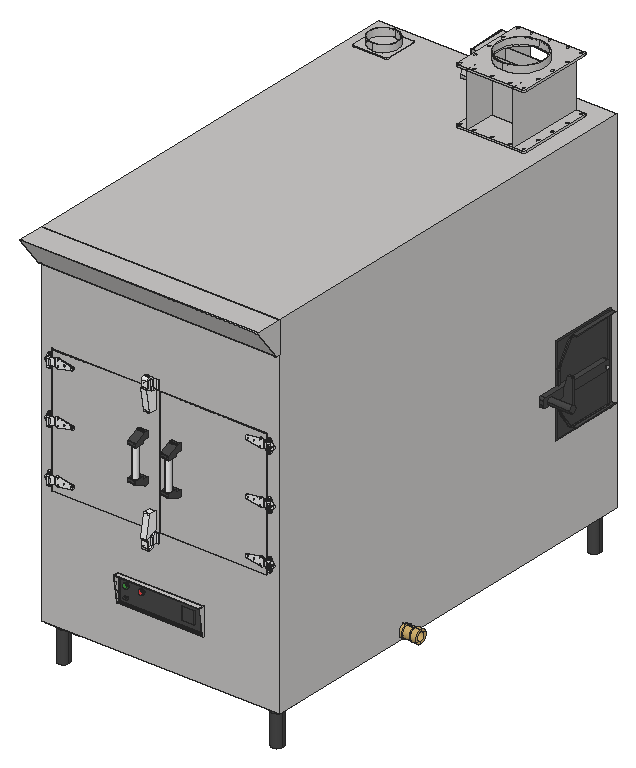
Revit family "QF_Southern Pride_SPK-1400", category Specialty Equipment, Revit 2019 (continued)
Automatic sketch dimensions
  plane 35 "Left Back" to Extrusion 4 sketch curve = 8.875"
  Extrusion 4 sketch curve to plane 13 "Door Left" = 0.500"
  Extrusion 4 sketch curve to Extrusion 4 sketch curve = 0.500"
  Extrusion 4 sketch curve to Extrusion 4 sketch curve = 3.375"  (x2)
  plane 35 "Left Back" to Extrusion 4 sketch curve = 1.625"  (x2)
  plane 13 "Door Left" to Extrusion 4 sketch curve = 3.375"
  Extrusion 5 sketch curve to Extrusion 5 sketch curve = 0.000"  (x2)
  plane 35 "Left Back" to Extrusion 5 sketch curve = 5.000"
  plane 13 "Door Left" to Extrusion 5 sketch curve = 3.375"
  curve 15 to plane 13 "Door Left" = 0.000"
  curve 10 to plane 13 "Door Left" = 0.000"
  plane 35 "Left Back" to curve 6 = 0.000"
  plane 26 "FRONT" to curve 3 = 0.07846"
  curve 6 to plane 37 "Left Middle Front" = 20.500"
  plane 35 "Left Back" to curve 15 = 8.875"
  curve 15 to curve 16 = 0.500"
  curve 14 to curve 14 = 0.500"
  curve 16 to curve 7 = 3.375"
  plane 35 "Left Back" to curve 11 = 1.625"
  curve 13 to curve 12 = 0.500"
  curve 13 to plane 17 "Control Panel Left" = 7.000"
  plane 13 "Door Left" to curve 8 = 3.375"
  curve 8 to curve 7 = 3.000"
  Extrusion 8 sketch curve to plane 33 "Control Panel Top" = 0.000"
  Extrusion 10 sketch curve to Extrusion 10 sketch curve = 0.1875"
  Extrusion 10 sketch curve to Extrusion 10 sketch curve = 0.125"
  Extrusion 12 sketch curve to Extrusion 12 sketch curve = 0.1875"
  Extrusion 12 sketch curve to Extrusion 12 sketch curve = 0.125"
  Revolve 16 sketch curve to plane 23 "Gas Connection to Box" = 0.000"
  Revolve 16 sketch curve to plane 35 "Left Back" = 0.000"
  Revolve 16 sketch curve to Revolve 16 sketch curve = 0.428"
  plane 1 "BACK" to Revolve 16 sketch curve = 0.202"
  plane 23 "Gas Connection to Box" to Revolve 16 sketch curve = 0.250"
  Revolve 16 sketch curve to Revolve 16 sketch curve = 0.175"
  Revolve 16 sketch curve to Revolve 16 sketch curve = 0.1765"
  Revolve 16 sketch curve to plane 28 "Front Clearance" = 8.74916"
  Revolve 16 sketch curve to plane 27 "Rear Clearance" = 8.34605"
  Sweep 17 sketch curve to plane 23 "Gas Connection to Box" = 0.000"
  plane 1 "BACK" to Sweep 17 sketch curve = 0.125"
  Sweep 17 sketch curve to plane 1 "BACK" = 0.625"
  Sweep 17 sketch curve to Sweep 17 sketch curve = 0.077"
  Sweep 17 sketch curve to Sweep 17 sketch curve = 0.125"
  Sweep 17 sketch curve to Sweep 17 sketch curve = 0.000"  (x2)
  Sweep 17 sketch curve to profile plane = 0.000"  (x2)
  Revolve 18 sketch curve to plane 24 "Gas Connection Bottom" = 0.000"
  Revolve 18 sketch curve to plane 1 "BACK" = 0.625"  (x2)
  Revolve 18 sketch curve to Revolve 18 sketch curve = 0.2375"
  Revolve 18 sketch curve to plane 1 "BACK" = 0.875"
  Revolve 18 sketch curve to Revolve 18 sketch curve = 0.17125"  (x3)
  Revolve 18 sketch curve to Revolve 18 sketch curve = 0.00375"
  Revolve 18 sketch curve to plane 1 "BACK" = 1.0625"
  Revolve 18 sketch curve to Revolve 18 sketch curve = 0.01625"
  Revolve 18 sketch curve to Revolve 18 sketch curve = 0.000"
  Revolve 18 sketch curve to Revolve 18 sketch curve = 0.164"  (x3)
  Revolve 18 sketch curve to Revolve 18 sketch curve = 0.1765"
  Revolve 18 sketch curve to Revolve 18 sketch curve = 0.21209"
  Revolve 18 sketch curve to Revolve 18 sketch curve = 0.23591"
  Revolve 18 sketch curve to level = 19.125"
  plane 29 "Top Clearance" to Revolve 18 sketch curve = 21.38866"
  Revolve 19 sketch curve to plane 22 "Gas Connection CL Elev" = 0.000"
  Revolve 19 sketch curve to plane 22 "Gas Connection CL Elev" = 0.250"
  Revolve 19 sketch curve to Revolve 19 sketch curve = 0.125"
  Revolve 19 sketch curve to Revolve 19 sketch curve = 0.2265"
  Revolve 19 sketch curve to plane 1 "BACK" = 0.625"
  Revolve 19 sketch curve to Revolve 19 sketch curve = 0.800"
  Revolve 19 sketch curve to Revolve 19 sketch curve = 0.200"
  plane 8 "Box Front" to Revolve 19 sketch curve = 0.250"
  Revolve 19 sketch curve to plane 27 "Rear Clearance" = 50.38866"
  Extrusion 20 sketch curve to plane 1 "BACK" = 0.005"
  plane 33 "Control Panel Top" to Extrusion 20 sketch curve = 8.77659"
  Extrusion 20 sketch curve to Extrusion 20 sketch curve = 1.500"
  plane 33 "Control Panel Top" to Extrusion 20 sketch curve = 10.9275"
  Revolve 21 sketch curve to plane 25 "Drain CL Elev" = 0.000"
  plane 25 "Drain CL Elev" to Revolve 21 sketch curve = 1.000"
  plane 25 "Drain CL Elev" to Revolve 21 sketch curve = 1.1966"
  Revolve 21 sketch curve to Revolve 21 sketch curve = 0.0758"
  Revolve 21 sketch curve to Revolve 21 sketch curve = 0.1074"
  Revolve 21 sketch curve to Revolve 21 sketch curve = 0.1832"
  Revolve 21 sketch curve to plane 30 "Gearbox Clearance" = 70.50466"
  plane 31 "Firebox Side Clearance" to Revolve 21 sketch curve = 59.94157"
  curve 21 to plane 4 "RIGHT" = 0.000"
  curve 18 to plane 4 "RIGHT" = 0.000"
  plane 35 "Left Back" to curve 29 = 0.000"
  plane 35 "Left Back" to curve 30 = 0.000"
  curve 31 to plane 39 "Gas Connection CL LR" = 0.000"
  curve 24 to plane 21 "Drain CL FB" = 1.3798"
  curve 17 to plane 21 "Drain CL FB" = 1.3798"
  plane 21 "Drain CL FB" to curve 24 = 1.3798"
  plane 21 "Drain CL FB" to curve 21 = 1.3798"
  curve 26 to plane 35 "Left Back" = 0.428"
  plane 1 "BACK" to curve 27 = 0.202"
  curve 38 to plane 1 "BACK" = 0.005"
  curve 35 to plane 1 "BACK" = 0.005"
  curve 38 to curve 32 = 0.28563"
  curve 36 to curve 33 = 0.28563"
  curve 31 to curve 31 = 0.33437"
  curve 31 to curve 34 = 1.21437"
  curve 34 to curve 46 = 0.0945"
  curve 34 to curve 47 = 0.0945"
  curve 40 to curve 40 = 0.313"
  curve 39 to curve 39 = 0.313"
  curve 42 to curve 44 = 0.087"
  plane 4 "RIGHT" to curve 17 = 0.7587"
  curve 23 to plane 7 "Firebox Handle Right" = 2.9166"
  plane 39 "Gas Connection CL LR" to curve 35 = 0.989"
  curve 34 to curve 47 = 0.164"
  curve 35 to curve 26 = 0.3875"
  plane 39 "Gas Connection CL LR" to curve 33 = 0.500"
  plane 39 "Gas Connection CL LR" to curve 45 = 0.317"
  curve 44 to plane 39 "Gas Connection CL LR" = 0.317"
  curve 32 to curve 25 = 0.1015"
  curve 46 to curve 46 = 0.508"
  curve 39 to curve 37 = 0.164"
  curve 19 to curve 20 = 0.1074"
  curve 23 to curve 22 = 0.1074"
  curve 20 to curve 19 = 1.13891"
  curve 20 to curve 19 = 0.000"
  curve 23 to curve 23 = 1.13891"
  curve 22 to curve 23 = 0.000"
  curve 25 to curve 30 = 0.1765"
  curve 29 to plane 39 "Gas Connection CL LR" = 0.425"
  plane 8 "Box Front" to Extrusion 23 sketch curve = 0.000"
  Extrusion 23 sketch curve to plane 30 "Gearbox Clearance" = 0.000"
  plane 26 "FRONT" to Extrusion 25 sketch curve = 20.4961"
  Extrusion 26 sketch curve to plane 29 "Top Clearance" = 0.000"
  plane 26 "FRONT" to Extrusion 27 sketch curve = 0.07003"
  plane 26 "FRONT" to Extrusion 27 sketch curve = 0.01557"
  plane 8 "Box Front" to Extrusion 27 sketch curve = 0.76834"
  Extrusion 27 sketch curve to Extrusion 27 sketch curve = 0.05445"
  plane 8 "Box Front" to Extrusion 27 sketch curve = 0.00012"
  Extrusion 27 sketch curve to plane 5 "TOP" = 0.063"
  Extrusion 27 sketch curve to Extrusion 27 sketch curve = 0.03168"
  Extrusion 29 sketch curve to plane 39 "Gas Connection CL LR" = 3.0625"  (x3)
  Extrusion 29 sketch curve to Extrusion 29 sketch curve = 0.000"  (x55)
  Extrusion 29 sketch curve to Extrusion 29 sketch curve = 0.375"  (x32)
  Extrusion 29 sketch curve to plane 39 "Gas Connection CL LR" = 1.1875"  (x2)
  plane 39 "Gas Connection CL LR" to Extrusion 29 sketch curve = 2.1875"  (x3)
  Extrusion 29 sketch curve to Extrusion 29 sketch curve = 1.500"  (x2)
  Extrusion 29 sketch curve to Extrusion 29 sketch curve = 0.625"  (x30)
  plane 23 "Gas Connection to Box" to Extrusion 3 sketch curve = 3.4375"
  plane 23 "Gas Connection to Box" to Extrusion 29 sketch curve = 7.0625"
  Extrusion 28 sketch curve to plane 6 "Box Left" = 1.500"
  Extrusion 28 sketch curve to plane 40 "Electric CL Elev" = 0.000"
  Extrusion 28 sketch curve to plane 40 "Electric CL Elev" = 0.625"  (x2)
  Extrusion 28 sketch curve to plane 6 "Box Left" = 2.5625"  (x3)
  Extrusion 28 sketch curve to Extrusion 28 sketch curve = 0.000"  (x43)
  Extrusion 28 sketch curve to Extrusion 28 sketch curve = 0.375"  (x38)
  Extrusion 28 sketch curve to plane 40 "Electric CL Elev" = 0.250"  (x2)
  Extrusion 28 sketch curve to Extrusion 28 sketch curve = 1.500"  (x19)
  Extrusion 28 sketch curve to plane 39 "Gas Connection CL LR" = 0.0625"  (x13)
  plane 40 "Electric CL Elev" to Extrusion 28 sketch curve = 0.375"  (x3)
  Extrusion 28 sketch curve to plane 40 "Electric CL Elev" = 1.250"
  Extrusion 28 sketch curve to Extrusion 28 sketch curve = 0.625"  (x32)
  plane 23 "Gas Connection to Box" to Extrusion 30 sketch curve = 3.4375"
  plane 24 "Gas Connection Bottom" to Extrusion 30 sketch curve = 3.9375"
  Extrusion 30 sketch curve to plane 12 "Door Top" = 10.000"
  plane 12 "Door Top" to Extrusion 30 sketch curve = 0.250"
  curve 57 to plane 3 "LEFT" = 0.000"
  curve 54 to plane 3 "LEFT" = 0.000"
  curve 53 to plane 3 "LEFT" = 0.000"
  curve 56 to plane 6 "Box Left" = 0.000"
  curve 55 to plane 6 "Box Left" = 0.000"
  curve 53 to plane 6 "Box Left" = 0.000"
  curve 54 to plane 6 "Box Left" = 0.000"
  plane 38 "Left Front" to curve 56 = 0.000"
  plane 37 "Left Middle Front" to curve 57 = 0.000"
  plane 36 "Left Middle Back" to curve 54 = 0.000"
  plane 35 "Left Back" to curve 53 = 0.000"
  plane 4 "RIGHT" to curve 52 = 2.69449"
  plane 21 "Drain CL FB" to curve 52 = 1.3798"
  curve 52 to plane 21 "Drain CL FB" = 1.3798"
  Extrusion 27 sketch curve to plane 5 "TOP" = 6.812"
  radius of Extrusion 4 sketch curve = 3.125"
  radius of Extrusion 5 sketch curve = 3.125"
  radius of Extrusion 5 sketch curve = 3.000"
  radius of Extrusion 10 sketch curve = 0.4375"  (x2)
  radius of Extrusion 13 sketch curve = 0.4375"
  radius of Extrusion 14 sketch curve = 0.4375"
  radius of Extrusion 15 sketch curve = 0.4375"  (x2)
  radius of Extrusion 15 sketch curve = 0.5625"  (x2)
  radius of Sweep 17 sketch curve = 0.250"
  radius of Sweep 17 sketch curve = 0.500"
  radius of Extrusion 28 sketch curve = 0.4125"
Nested families
  nested 1: "Southern Pride_Door-1" at (114.3, -2330.45, 882.65), Show Clearance <- "Show Clearance", Height <- "Door Height", type "Southern Pride_Door-1"
    with Width 23.500", Top and Bottom Door Latches yes, Symbolic Lines no, Show Clearance yes, Height 27.875", Handle Height 6.625"
  nested 2: "Southern Pride_Legs" at (-34.772, -2149.815, 0), Leg Height <- "Leg Height", type "Southern Pride_Legs"
    with Symbolic Lines no, No Bracket yes, Leg Materials QF_Plastic-Black-Coarse, Leg Height 8.250", Bracket no
  nested 3: "Southern Pride_Legs" at (628.334, -2149.815, 0) x (-1, 0, 0) z (0, 0, 1), Leg Height <- "Leg Height", type "Southern Pride_Legs"
    with Symbolic Lines no, No Bracket yes, Leg Materials QF_Plastic-Black-Coarse, Leg Height 8.250", Bracket no
  nested 4: "Southern Pride_Legs" at (-34.772, -206.035, 0), Leg Height <- "Leg Height", type "Southern Pride_Legs"
    with Symbolic Lines no, No Bracket yes, Leg Materials QF_Plastic-Black-Coarse, Leg Height 8.250", Bracket no
  nested 5: "Southern Pride_Legs" at (628.334, -206.035, 0) x (-1, 0, 0) z (0, 0, 1), Leg Height <- "Leg Height", type "Southern Pride_Legs"
    with Symbolic Lines no, No Bracket yes, Leg Materials QF_Plastic-Black-Coarse, Leg Height 8.250", Bracket no
  nested 6: "Southern Pride_Firebox" at (1384.3, -45.125, 730.25), type "Southern Pride_Firebox"
    with Symbolic Lines yes, Show Clearance yes
  nested 7: "Southern Pride_Smoke Extractor Damper" at (813.746, -105.115, 2184.4), visible <- "Optional Smoke Extractor Damper", type "Southern Pride_Smoke Extractor Damper"
    with Symbolic Lines yes
  nested 8: "Southern Pride_Door-1" at (471.336, -2330.45, 882.65) x (-1, 0, 0) z (0, 0, 1), Show Clearance <- "Show Clearance", Height <- "Door Height", type "Southern Pride_Door-1"
    with Width 23.500", Top and Bottom Door Latches no, Symbolic Lines no, Show Clearance yes, Height 27.875", Handle Height 6.625"
Connectors
  piping at (-576.344, 41.275, 742.95), diameter 12.7, driven by "Gas Size"
    settings: on Revolve 19, index 2, connector inside diameter 24", connector length 0.000", flow factor 0, pipe flow 0 GPM, pressure drop 0.00 psi, fitting loss kfactor 0, connector angle 0.00°, fixture units 0, engagement length 0.000", angle of deflection 0.00°, flow configuration 1, flow direction 1, fitting loss method 0, system type 22, joint type 0, gender type 0, connector reference index -1, connector utility 0, adjustable connector no, is connector primary yes, connector description "Gas Connection"
  piping at (1060.899, -1492.25, 250.825), diameter 50.8, driven by "Indirect Waste Size", driven by "Indirect Waste Flow"
    settings: on Revolve 21, index 3, connector inside diameter 24", connector length 0.000", flow factor 0, pipe flow 0 GPM, pressure drop 0.00 psi, fitting loss kfactor 0, connector angle 0.00°, fixture units 0, engagement length 0.000", angle of deflection 0.00°, flow configuration 1, flow direction 2, fitting loss method 0, system type 16, joint type 0, gender type 0, connector reference index -1, connector utility 0, adjustable connector no, is connector primary no, connector description "Drain"
Definition of nested family "Southern Pride_Door-1"
  Parameters (values of type "Southern Pride_Door-1")
    Width [instance] = 25.250"
    Watermarked By = ""
    Top and Bottom Door Latches [instance] = yes
    Symbolic Lines [instance] = yes
    Show Clearance [instance] = yes
    Model = ""
    Manufacturer = ""
    Keynote = ""
    Height [instance] = 19.500"
    Handle Height [instance] = 6.625"
    Description = ""
  Reference planes
    plane 1 "BACK": y = 0
    plane 2: z = 0
    plane 3 "LEFT": x = -420.769
    plane 4 "FRONT": y = -25.4
    plane 5 "RIGHT": x = 220.581
    plane 6 "TOP": z = 495.3
    plane 7 "Handle CL LR": x = 131.681
    plane 8 "Center Elev": z = 247.65
    plane 9 "Handle Inside Top": z = 331.787
    plane 10 "Handle Top": z = 382.587
    plane 11 "Handle Bottom": z = 112.712
    plane 12 "Handle Inside Bottom": z = 163.512
    plane 13 "Handle CL FB": y = -84.137
    plane 14 "TopBottom Door Locks CL LR": x = 180.893
    plane 15 "Top Lock Top": z = 573.088
    plane 16 "Top Lock Bottom": z = 395.288
    plane 17 "Bottom Lock Bottom": z = -77.788
    plane 18 "Bottom Lock Top": z = 100.012
    plane 19 "Left Hinge CL LR": x = -437.838
    plane 20 "Left Top Hinge CL Elev": z = 438.15
    plane 21 "Left Bottom Hinge CL Elev": z = 57.15
    plane 22 "Left Hinge CL FB": y = -38.1
    plane 23: x = -406.129
  Forms (mm)
    Extrusion 1, solid
      sketch origin (0, 0, 163.512) x (0, 1, 0) y (-1, 0, 0)
        loop
          circle (-84.137, -131.681) r 15.875
      from 0 to 168.275
    Extrusion 2, solid
      sketch origin (0, 0, 0) x (1, 0, 0) y (0, 0, 1)
        loop
          line (-420.769, 495.3) -> (-420.769, 0) -> (220.581, 0) -> (220.581, 495.3) -> (-420.769, 495.3)
      from 0 to 25.4
    Extrusion 3, solid
      sketch origin (131.681, 0, 0) x (0, 1, 0) y (0, 0, 1)
        loop
          arc (-61.925, 331.788) -> (-60.794, 332.256) -> (-60.325, 333.388) r 1.6
          line (-60.325, 333.388) -> (-60.325, 342.887)
          arc (-60.325, 342.887) -> (-59.856, 344.019) -> (-58.725, 344.487) r 1.6
          line (-58.725, 344.487) -> (-25.4, 344.487) -> (-25.4, 382.588) -> (-39.675, 382.588)
          arc (-39.675, 382.588) -> (-40.806, 382.119) -> (-41.275, 380.987) r 1.6
          line (-41.275, 380.987) -> (-41.275, 379.413) -> (-47.625, 379.413) -> (-107.035, 351.271)
          arc (-107.035, 351.271) -> (-107.702, 350.681) -> (-107.95, 349.825) r 1.6
          line (-107.95, 349.825) -> (-107.95, 333.388)
          arc (-107.95, 333.388) -> (-107.481, 332.256) -> (-106.35, 331.788) r 1.6
          line (-106.35, 331.788) -> (-61.925, 331.788)
      from -23.825 to 23.825
    Extrusion 4, solid
      sketch origin (131.681, 0, 493.712) x (0, 1, 0) y (0, 0, 1)
        loop
          line (-61.925, -330.2) -> (-106.35, -330.2)
          arc (-106.35, -330.2) -> (-107.481, -330.669) -> (-107.95, -331.8) r 1.6
          line (-107.95, -331.8) -> (-107.95, -348.237)
          arc (-107.95, -348.237) -> (-107.702, -349.093) -> (-107.035, -349.684) r 1.6
          line (-107.035, -349.684) -> (-47.625, -377.825) -> (-41.275, -377.825) -> (-41.275, -379.4)
          arc (-41.275, -379.4) -> (-40.806, -380.531) -> (-39.675, -381) r 1.6
          line (-39.675, -381) -> (-25.4, -381) -> (-25.4, -342.9) -> (-58.725, -342.9)
          arc (-58.725, -342.9) -> (-59.856, -342.431) -> (-60.325, -341.3) r 1.6
          line (-60.325, -341.3) -> (-60.325, -331.8)
          arc (-60.325, -331.8) -> (-60.794, -330.669) -> (-61.925, -330.2) r 1.6
      from -23.825 to 23.825
    Extrusion 5, solid, visible <- "Top and Bottom Door Latches"
      sketch origin (180.893, 0, 0) x (0, 1, 0) y (0, 0, 1)
        loop
          line (-25.4, 395.287) -> (-25.4, 492.125) -> (-31.75, 492.125)
          arc (-31.75, 492.125) -> (-33.56, 490.315) -> (-35.37, 492.125) r 1.81
          line (-35.37, 492.125) -> (-35.37, 495.3) -> (-84.617, 516.585) -> (-65.829, 397.966)
          arc (-65.829, 397.966) -> (-64.755, 396.048) -> (-62.693, 395.287) r 3.175
          line (-62.693, 395.287) -> (-25.4, 395.287)
        loop
          line (-25.4, 100.012) -> (-62.693, 100.012)
          arc (-62.693, 100.012) -> (-64.755, 99.252) -> (-65.829, 97.334) r 3.175
          line (-65.829, 97.334) -> (-84.617, -21.285) -> (-35.37, 0) -> (-35.37, 3.175)
          arc (-35.37, 3.175) -> (-33.56, 4.985) -> (-31.75, 3.175) r 1.81
          line (-31.75, 3.175) -> (-25.4, 3.175) -> (-25.4, 100.012)
      from -16.815 to 16.815
    Extrusion 6, solid, visible <- "Top and Bottom Door Latches"
      sketch origin (180.893, 0, 0) x (0, 1, 0) y (0, 0, 1)
        loop
          line (-84.138, 560.387) -> (-84.138, 527.177) -> (-80.963, 527.177) -> (-80.963, 560.387)
          arc (-80.963, 560.387) -> (-78.173, 567.123) -> (-71.438, 569.912) r 9.525
          line (-71.438, 569.912) -> (-60.579, 569.912)
          arc (-60.579, 569.912) -> (-53.844, 567.123) -> (-51.054, 560.387) r 9.525
          line (-51.054, 560.387) -> (-51.054, 519.712)
          arc (-51.054, 519.712) -> (-52.329, 511.581) -> (-56.031, 504.23) r 26.571
          line (-56.031, 504.23) -> (-53.056, 502.944)
          arc (-53.056, 502.944) -> (-49.203, 510.937) -> (-47.879, 519.712) r 29.746
          line (-47.879, 519.712) -> (-47.879, 560.387)
          arc (-47.879, 560.387) -> (-51.599, 569.368) -> (-60.579, 573.087) r 12.7
          line (-60.579, 573.087) -> (-71.438, 573.087)
          arc (-71.438, 573.087) -> (-80.418, 569.368) -> (-84.138, 560.387) r 12.7
        loop
          arc (-84.138, -65.088) -> (-80.418, -74.068) -> (-71.438, -77.788) r 12.7
          line (-71.438, -77.788) -> (-60.579, -77.788)
          arc (-60.579, -77.788) -> (-51.599, -74.068) -> (-47.879, -65.088) r 12.7
          line (-47.879, -65.088) -> (-47.879, -24.412)
          arc (-47.879, -24.412) -> (-49.203, -15.637) -> (-53.056, -7.644) r 29.746
          line (-53.056, -7.644) -> (-56.031, -8.93)
          arc (-56.031, -8.93) -> (-52.329, -16.281) -> (-51.054, -24.412) r 26.571
          line (-51.054, -24.412) -> (-51.054, -65.088)
          arc (-51.054, -65.088) -> (-53.844, -71.823) -> (-60.579, -74.613) r 9.525
          line (-60.579, -74.613) -> (-71.438, -74.613)
          arc (-71.438, -74.613) -> (-78.173, -71.823) -> (-80.963, -65.088) r 9.525
          line (-80.963, -65.088) -> (-80.963, -31.877) -> (-84.138, -31.877) -> (-84.138, -65.088)
      from -12.751 to 19.126
    Extrusion 7, solid, visible <- "Top and Bottom Door Latches"
      sketch origin (180.893, 0, 0) x (0, 1, 0) y (0, 0, 1)
        loop
          circle (-68.528, 549.661) r 12.435
        loop
          circle (-68.528, -54.361) r 12.435
      from -10.617 to 10.617
    Extrusion 8, solid, visible <- "Top and Bottom Door Latches"
      sketch origin (180.893, 0, 0) x (0, 1, 0) y (0, 0, 1)
        loop
          line (-74.832, 549.661) -> (-72.124, 527.602)
          arc (-72.124, 527.602) -> (-73.042, 519.889) -> (-77.426, 513.477) r 16.296
          line (-77.426, 513.477) -> (-61.668, 506.666)
          arc (-61.668, 506.666) -> (-63.422, 508.58) -> (-63.161, 511.163) r 3.175
          arc (-63.161, 511.163) -> (-59.879, 519.861) -> (-59.518, 529.149) r 28.996
          line (-59.518, 529.149) -> (-62.227, 551.209)
          arc (-62.227, 551.209) -> (-69.303, 556.738) -> (-74.832, 549.661) r 6.35
        loop
          arc (-74.832, -54.361) -> (-69.303, -61.438) -> (-62.227, -55.909) r 6.35
          line (-62.227, -55.909) -> (-59.518, -33.849)
          arc (-59.518, -33.849) -> (-59.879, -24.561) -> (-63.161, -15.863) r 28.996
          arc (-63.161, -15.863) -> (-63.422, -13.28) -> (-61.668, -11.366) r 3.175
          line (-61.668, -11.366) -> (-77.426, -18.177)
          arc (-77.426, -18.177) -> (-73.042, -24.589) -> (-72.124, -32.302) r 16.296
          line (-72.124, -32.302) -> (-74.832, -54.361)
      from -12.192 to -10.617
    Extrusion 9, solid, visible <- "Top and Bottom Door Latches"
      sketch origin (180.893, 0, 0) x (0, 1, 0) y (0, 0, 1)
        loop
          line (-74.832, 549.661) -> (-72.124, 527.602)
          arc (-72.124, 527.602) -> (-73.042, 519.889) -> (-77.426, 513.477) r 16.296
          line (-77.426, 513.477) -> (-61.668, 506.666)
          arc (-61.668, 506.666) -> (-63.422, 508.58) -> (-63.161, 511.163) r 3.175
          arc (-63.161, 511.163) -> (-59.879, 519.861) -> (-59.518, 529.149) r 28.996
          line (-59.518, 529.149) -> (-62.227, 551.209)
          arc (-62.227, 551.209) -> (-69.303, 556.738) -> (-74.832, 549.661) r 6.35
        loop
          arc (-74.832, -54.361) -> (-69.303, -61.438) -> (-62.227, -55.909) r 6.35
          line (-62.227, -55.909) -> (-59.518, -33.849)
          arc (-59.518, -33.849) -> (-59.879, -24.561) -> (-63.161, -15.863) r 28.996
          arc (-63.161, -15.863) -> (-63.422, -13.28) -> (-61.668, -11.366) r 3.175
          line (-61.668, -11.366) -> (-77.426, -18.177)
          arc (-77.426, -18.177) -> (-73.042, -24.589) -> (-72.124, -32.302) r 16.296
          line (-72.124, -32.302) -> (-74.832, -54.361)
      from 12.192 to 10.617
    Extrusion 10, solid, visible <- "Top and Bottom Door Latches"
      sketch origin (0, -25.4, 0) x (-1, 0, 0) y (0, 0, 1)
        loop
          line (-152.204, 502.366) -> (-152.204, 551.769) -> (-215.95, 551.769) -> (-215.95, 502.366) -> (-152.204, 502.366)
        loop
          line (-152.204, -7.066) -> (-215.95, -7.066) -> (-215.95, -56.469) -> (-152.204, -56.469) -> (-152.204, -7.066)
      from 0 to -3.175
    Extrusion 11, solid, visible <- "Top and Bottom Door Latches"
      sketch origin (180.893, 0, 0) x (0, 1, 0) y (0, 0, 1)
        loop
          line (-28.575, 551.769) -> (-47.879, 560.387) -> (-47.879, 519.712) -> (-28.575, 502.366) -> (-28.575, 551.769)
        loop
          line (-28.575, -7.066) -> (-47.879, -24.412) -> (-47.879, -65.088) -> (-28.575, -56.469) -> (-28.575, -7.066)
      from -12.751 to 19.126
    Extrusion 12, solid
      sketch origin (0, -25.4, 0) x (-1, 0, 0) y (0, 0, 1)
        loop
          arc (426.67, 412.892) -> (427.697, 407.12) -> (430.651, 402.055) r 16.739
          arc (430.651, 402.055) -> (438.846, 399.305) -> (445.1, 405.272) r 8.367
          arc (445.1, 405.272) -> (450.163, 417.407) -> (458.16, 427.845) r 51.01
          arc (458.16, 427.845) -> (462.527, 438.15) -> (458.16, 448.455) r 14.343
          arc (458.16, 448.455) -> (450.163, 458.893) -> (445.1, 471.028) r 51.01
          arc (445.1, 471.028) -> (438.846, 476.995) -> (430.651, 474.245) r 8.367
          arc (430.651, 474.245) -> (427.697, 469.18) -> (426.67, 463.408) r 16.739
          line (426.67, 463.408) -> (426.67, 412.892)
        loop
          circle (437.028, 468.828) r 4.232
        loop
          circle (437.028, 407.472) r 4.232
        loop
          circle (452.166, 438.15) r 4.232
        loop
          arc (426.67, 222.392) -> (427.697, 216.62) -> (430.651, 211.555) r 16.739
          arc (430.651, 211.555) -> (438.846, 208.805) -> (445.1, 214.772) r 8.367
          arc (445.1, 214.772) -> (450.163, 226.907) -> (458.16, 237.345) r 51.01
          arc (458.16, 237.345) -> (462.527, 247.65) -> (458.16, 257.955) r 14.343
          arc (458.16, 257.955) -> (450.163, 268.393) -> (445.1, 280.528) r 51.01
          arc (445.1, 280.528) -> (438.846, 286.495) -> (430.651, 283.745) r 8.367
          arc (430.651, 283.745) -> (427.697, 278.68) -> (426.67, 272.908) r 16.739
          line (426.67, 272.908) -> (426.67, 222.392)
        loop
          circle (437.028, 278.328) r 4.232
        loop
          circle (437.028, 216.972) r 4.232
        loop
          circle (452.166, 247.65) r 4.232
        loop
          arc (426.67, 31.892) -> (427.697, 26.12) -> (430.651, 21.055) r 16.739
          arc (430.651, 21.055) -> (438.846, 18.305) -> (445.1, 24.272) r 8.367
          arc (445.1, 24.272) -> (450.163, 36.407) -> (458.16, 46.845) r 51.01
          arc (458.16, 46.845) -> (462.527, 57.15) -> (458.16, 67.455) r 14.343
          arc (458.16, 67.455) -> (450.163, 77.893) -> (445.1, 90.028) r 51.01
          arc (445.1, 90.028) -> (438.846, 95.995) -> (430.651, 93.245) r 8.367
          arc (430.651, 93.245) -> (427.697, 88.18) -> (426.67, 82.408) r 16.739
          line (426.67, 82.408) -> (426.67, 31.892)
        loop
          circle (437.028, 87.828) r 4.232
        loop
          circle (437.028, 26.472) r 4.232
        loop
          circle (452.166, 57.15) r 4.232
        loop
          line (386.065, 463.362) -> (312.365, 449.878)
          arc (312.365, 449.878) -> (304.265, 438.15) -> (312.365, 426.422) r 12.54
          line (312.365, 426.422) -> (386.065, 412.938)
          arc (386.065, 412.938) -> (392.907, 413.044) -> (399.187, 415.762) r 17.525
          arc (399.187, 415.762) -> (402.546, 417.791) -> (406.129, 419.39) r 31.788
          line (406.129, 419.39) -> (406.129, 456.91)
          arc (406.129, 456.91) -> (402.546, 458.509) -> (399.187, 460.538) r 31.788
          arc (399.187, 460.538) -> (392.907, 463.256) -> (386.065, 463.362) r 17.525
        loop
          circle (316.805, 438.15) r 4.232
        loop
          circle (351.864, 438.15) r 4.232
        loop
          circle (386.924, 456.476) r 4.232
        loop
          circle (386.924, 419.824) r 4.232
        loop
          line (386.065, 82.362) -> (312.365, 68.878)
          arc (312.365, 68.878) -> (304.265, 57.15) -> (312.365, 45.422) r 12.54
          line (312.365, 45.422) -> (386.065, 31.938)
          arc (386.065, 31.938) -> (392.907, 32.044) -> (399.187, 34.762) r 17.525
          arc (399.187, 34.762) -> (402.546, 36.791) -> (406.129, 38.39) r 31.788
          line (406.129, 38.39) -> (406.129, 75.91)
          arc (406.129, 75.91) -> (402.546, 77.509) -> (399.187, 79.538) r 31.788
          arc (399.187, 79.538) -> (392.907, 82.256) -> (386.065, 82.362) r 17.525
        loop
          circle (316.805, 57.15) r 4.232
        loop
          circle (351.864, 57.15) r 4.232
        loop
          circle (386.924, 75.476) r 4.232
        loop
          circle (386.924, 38.824) r 4.232
        loop
          line (386.065, 272.862) -> (312.365, 259.378)
          arc (312.365, 259.378) -> (304.265, 247.65) -> (312.365, 235.922) r 12.54
          line (312.365, 235.922) -> (386.065, 222.438)
          arc (386.065, 222.438) -> (392.907, 222.544) -> (399.187, 225.262) r 17.525
          arc (399.187, 225.262) -> (402.546, 227.291) -> (406.129, 228.89) r 31.788
          line (406.129, 228.89) -> (406.129, 266.41)
          arc (406.129, 266.41) -> (402.546, 268.009) -> (399.187, 270.038) r 31.788
          arc (399.187, 270.038) -> (392.907, 272.756) -> (386.065, 272.862) r 17.525
        loop
          circle (316.805, 247.65) r 4.232
        loop
          circle (351.864, 247.65) r 4.232
        loop
          circle (386.924, 265.976) r 4.232
        loop
          circle (386.924, 229.324) r 4.232
      from 0 to -3.175
    Extrusion 13, solid
      sketch origin (0, 0, 438.15) x (0, 1, 0) y (-1, 0, 0)
        loop
          arc (-38.1, 445.755) -> (-46.017, 437.838) -> (-38.1, 429.921) r 7.917
          line (-38.1, 429.921) -> (-28.575, 429.921) -> (-28.575, 445.755) -> (-38.1, 445.755)
      from 19.126 to 25.502
    Extrusion 14, solid
      sketch origin (0, 0, 438.15) x (0, 1, 0) y (-1, 0, 0)
        loop
          arc (-38.1, 445.755) -> (-46.017, 437.838) -> (-38.1, 429.921) r 7.917
          line (-38.1, 429.921) -> (-28.575, 429.921) -> (-28.575, 445.755) -> (-38.1, 445.755)
      from -19.126 to -25.502
    Extrusion 15, solid
      sketch origin (0, 0, 438.15) x (0, 1, 0) y (-1, 0, 0)
        loop
          circle (-38.1, 437.838) r 7.28
      from -19.126 to 19.126
    Extrusion 16, solid
      sketch origin (0, 0, 247.65) x (0, 1, 0) y (-1, 0, 0)
        loop
          arc (-38.1, 445.755) -> (-46.017, 437.838) -> (-38.1, 429.921) r 7.917
          line (-38.1, 429.921) -> (-28.575, 429.921) -> (-28.575, 445.755) -> (-38.1, 445.755)
      from 19.126 to 25.502
    Extrusion 17, solid
      sketch origin (0, 0, 247.65) x (0, 1, 0) y (-1, 0, 0)
        loop
          arc (-38.1, 445.755) -> (-46.017, 437.838) -> (-38.1, 429.921) r 7.917
          line (-38.1, 429.921) -> (-28.575, 429.921) -> (-28.575, 445.755) -> (-38.1, 445.755)
      from -19.126 to -25.502
    Extrusion 18, solid
      sketch origin (0, 0, 247.65) x (0, 1, 0) y (-1, 0, 0)
        loop
          circle (-38.1, 437.838) r 7.28
      from -19.126 to 19.126
    Extrusion 19, solid
      sketch origin (0, 0, 57.15) x (0, 1, 0) y (-1, 0, 0)
        loop
          arc (-38.1, 445.755) -> (-46.017, 437.838) -> (-38.1, 429.921) r 7.917
          line (-38.1, 429.921) -> (-28.575, 429.921) -> (-28.575, 445.755) -> (-38.1, 445.755)
      from 19.126 to 25.502
    Extrusion 20, solid
      sketch origin (0, 0, 57.15) x (0, 1, 0) y (-1, 0, 0)
        loop
          arc (-38.1, 445.755) -> (-46.017, 437.838) -> (-38.1, 429.921) r 7.917
          line (-38.1, 429.921) -> (-28.575, 429.921) -> (-28.575, 445.755) -> (-38.1, 445.755)
      from -19.126 to -25.502
    Extrusion 21, solid
      sketch origin (0, 0, 57.15) x (0, 1, 0) y (-1, 0, 0)
        loop
          circle (-38.1, 437.838) r 7.28
      from -19.126 to 19.126
    Extrusion 22, solid
      sketch origin (0, 0, 438.15) x (0, 1, 0) y (-1, 0, 0)
        loop
          arc (-30.887, 436.854) -> (-41.558, 444.244) -> (-41.235, 431.268) r 7.28
          arc (-41.235, 431.268) -> (-32.967, 419.675) -> (-28.575, 406.129) r 46.716
          line (-28.575, 406.129) -> (-25.361, 406.129)
          arc (-25.361, 406.129) -> (-26.575, 411.853) -> (-28.45, 417.395) r 49.891
          arc (-28.45, 417.395) -> (-30.942, 426.965) -> (-30.887, 436.854) r 38.1
      from -18.771 to 18.771
    Extrusion 23, solid
      sketch origin (0, 0, 247.65) x (0, 1, 0) y (-1, 0, 0)
        loop
          arc (-30.887, 436.854) -> (-41.558, 444.244) -> (-41.235, 431.268) r 7.28
          arc (-41.235, 431.268) -> (-32.967, 419.675) -> (-28.575, 406.129) r 46.716
          line (-28.575, 406.129) -> (-25.361, 406.129)
          arc (-25.361, 406.129) -> (-26.575, 411.853) -> (-28.45, 417.395) r 49.891
          arc (-28.45, 417.395) -> (-30.942, 426.965) -> (-30.887, 436.854) r 38.1
      from -18.771 to 18.771
    Extrusion 24, solid
      sketch origin (0, 0, 57.15) x (0, 1, 0) y (-1, 0, 0)
        loop
          arc (-30.887, 436.854) -> (-41.558, 444.244) -> (-41.235, 431.268) r 7.28
          arc (-41.235, 431.268) -> (-32.967, 419.675) -> (-28.575, 406.129) r 46.716
          line (-28.575, 406.129) -> (-25.361, 406.129)
          arc (-25.361, 406.129) -> (-26.575, 411.853) -> (-28.45, 417.395) r 49.891
          arc (-28.45, 417.395) -> (-30.942, 426.965) -> (-30.887, 436.854) r 38.1
      from -18.771 to 18.771
    Extrusion 25, solid, visible <- "Show Clearance", detail levels coarse+medium
      sketch origin (0, 0, 0) x (1, 0, 0) y (0, 1, 0)
        loop
          line (-437.838, -84.137) -> (-437.838, -666.75)
          arc (-437.838, -666.75) -> (6.907, -506.013) -> (220.581, -84.137) r 641.35
          line (220.581, -84.137) -> (-437.838, -84.137)
      from 0 to 495.3
  Lines and regions (mm)
    symbolic lines, visible <- "Symbolic Lines"
      curve 1: line (-420.769, 0, 0) -> (220.581, 0, 0)
      curve 2: line (-420.769, -25.4, 0) -> (-420.769, 0, 0)
      curve 3: line (220.581, -25.4, 0) -> (-420.769, -25.4, 0)
      curve 4: line (220.581, 0, 0) -> (220.581, -25.4, 0)
      curve 5: line (107.855, -25.4, 0) -> (107.855, -107.95, 0)
      curve 6: line (155.506, -107.95, 0) -> (155.506, -25.4, 0)
      curve 7: line (107.855, -107.95, 0) -> (155.506, -107.95, 0)
    symbolic lines, visible <- "Show Clearance", detail levels coarse+medium
      curve 8: line (-437.838, -84.138, 0) -> (-437.838, -666.75, 0)
      curve 9: arc (-437.838, -666.75, 0) -> (6.907, -506.013, 0) -> (220.581, -84.138, 0) r 641.35
  Dimensions and locks
    locked: plane 4 "FRONT" to plane 1 "BACK" at 25.4
    "Width": plane 5 "RIGHT" to plane 3 "LEFT"
    "Height": plane 6 "TOP" to plane 2
    plane 7 "Handle CL LR" to plane 5 "RIGHT" = 3.500"
    equal spacing: plane 6 "TOP", plane 8 "Center Elev", level
    locked: plane 10 "Handle Top" to plane 9 "Handle Inside Top" at 50.8
    locked: plane 12 "Handle Inside Bottom" to plane 11 "Handle Bottom" at 50.8
    locked: plane 4 "FRONT" to plane 13 "Handle CL FB" at 58.737
    plane 10 "Handle Top" to Extrusion 3 sketch curve to Extrusion 3 sketch curve = 0.063" locked, 0.062" locked
    Extrusion 3 sketch curve to Extrusion 3 sketch curve to Extrusion 3 sketch curve to plane 9 "Handle Inside Top" = 0.05694" locked, 0.64713" locked, 0.063" locked
    Extrusion 3 sketch curve to Extrusion 3 sketch curve to Extrusion 3 sketch curve to plane 9 "Handle Inside Top" = 0.063" locked, 0.374" locked, 0.063" locked
    Extrusion 3 sketch curve to Extrusion 3 sketch curve to Extrusion 3 sketch curve to plane 13 "Handle CL FB" = 0.03603" locked, 0.02697" locked, 0.8745" locked
    plane 13 "Handle CL FB" to Extrusion 3 sketch curve to Extrusion 3 sketch curve to Extrusion 3 sketch curve = 0.8745" locked, 0.063" locked, 0.063" locked
    plane 13 "Handle CL FB" to Extrusion 3 sketch curve to Extrusion 3 sketch curve to Extrusion 3 sketch curve = 1.4375" locked, 0.250" locked, 0.063" locked
    plane 12 "Handle Inside Bottom" to Extrusion 4 sketch curve to Extrusion 4 sketch curve to Extrusion 4 sketch curve = 0.063" locked, 0.64713" locked, 0.05694" locked
    plane 12 "Handle Inside Bottom" to Extrusion 4 sketch curve to Extrusion 4 sketch curve to Extrusion 4 sketch curve = 0.063" locked, 0.374" locked, 0.063" locked
    Extrusion 4 sketch curve to Extrusion 4 sketch curve to plane 11 "Handle Bottom" = 0.062" locked, 0.063" locked
    Extrusion 4 sketch curve to Extrusion 4 sketch curve to Extrusion 4 sketch curve to plane 13 "Handle CL FB" = 0.03603" locked, 0.02697" locked, 0.8745" locked
    plane 13 "Handle CL FB" to Extrusion 4 sketch curve to Extrusion 4 sketch curve to Extrusion 4 sketch curve = 0.8745" locked, 0.063" locked, 0.063" locked
    plane 13 "Handle CL FB" to Extrusion 4 sketch curve to Extrusion 4 sketch curve to Extrusion 4 sketch curve = 1.4375" locked, 0.250" locked, 0.063" locked
    equal spacing: plane 9 "Handle Inside Top", plane 8 "Center Elev", plane 12 "Handle Inside Bottom"
    "Handle Height": plane 9 "Handle Inside Top" to plane 12 "Handle Inside Bottom"
    locked: plane 14 "TopBottom Door Locks CL LR" to plane 5 "RIGHT" at 39.688
    locked: plane 15 "Top Lock Top" to plane 6 "TOP" at 77.788
    locked: plane 15 "Top Lock Top" to plane 16 "Top Lock Bottom" at 177.8
    locked: plane 2 to plane 17 "Bottom Lock Bottom" at 77.788
    locked: plane 18 "Bottom Lock Top" to plane 17 "Bottom Lock Bottom" at 177.8
    locked: Extrusion 5 sketch curve to plane 16 "Top Lock Bottom" at 2.678
    locked: plane 6 "TOP" to Extrusion 5 sketch curve at 3.175  (x2)
    locked: Extrusion 5 sketch curve to plane 6 "TOP" at 21.285
    Extrusion 5 sketch curve to Extrusion 5 sketch curve to Extrusion 5 sketch curve to plane 4 "FRONT" = 1.93886" locked, 0.1425" locked, 0.250" locked
    Extrusion 5 sketch curve to Extrusion 5 sketch curve to plane 4 "FRONT" = 0.12346" locked, 1.46824" locked  (x2)
    locked: plane 18 "Bottom Lock Top" to Extrusion 5 sketch curve at 2.678
    locked: level to Extrusion 5 sketch curve at 21.285
    Extrusion 5 sketch curve to Extrusion 5 sketch curve to plane 4 "FRONT" = 0.1425" locked, 0.250" locked
    locked: Extrusion 5 sketch curve to level at 3.175  (x2)
    plane 15 "Top Lock Top" to Extrusion 6 sketch curve to Extrusion 6 sketch curve to Extrusion 6 sketch curve to Extrusion 6 sketch curve = 0.125" locked, 1.6825" locked, 0.90344" locked, 0.05062" locked
    locked: plane 15 "Top Lock Top" to Extrusion 6 sketch curve at 12.7  (x2)
    plane 15 "Top Lock Top" to Extrusion 6 sketch curve to Extrusion 6 sketch curve = 0.500" locked, 1.6014" locked  (x2)
    plane 13 "Handle CL FB" to Extrusion 6 sketch curve to Extrusion 6 sketch curve to Extrusion 6 sketch curve = 0.125" locked, 1.1775" locked, 0.125" locked
    plane 13 "Handle CL FB" to Extrusion 6 sketch curve to Extrusion 6 sketch curve = 0.500" locked, 0.4275" locked  (x2)
    plane 13 "Handle CL FB" to Extrusion 6 sketch curve to Extrusion 6 sketch curve = 1.10657" locked, 0.11713" locked
    locked: plane 15 "Top Lock Top" to Extrusion 7 sketch curve at 23.426
    locked: plane 13 "Handle CL FB" to Extrusion 7 sketch curve at 15.61
    Extrusion 10 sketch curve to Extrusion 10 sketch curve to plane 6 "TOP" = 1.945" locked, 0.2782" locked
    Extrusion 10 sketch curve to plane 14 "TopBottom Door Locks CL LR" to Extrusion 10 sketch curve = 1.1295" locked, 1.3802" locked
    Extrusion 10 sketch curve to plane 14 "TopBottom Door Locks CL LR" to Extrusion 10 sketch curve = 1.3802" locked, 1.1295" locked
    plane 2 to Extrusion 10 sketch curve to Extrusion 10 sketch curve = 0.2782" locked, 1.945" locked
    locked: plane 19 "Left Hinge CL LR" to plane 3 "LEFT" at 17.069
    locked: plane 21 "Left Bottom Hinge CL Elev" to level at 57.15
    locked: plane 6 "TOP" to plane 20 "Left Top Hinge CL Elev" at 57.15
    locked: plane 4 "FRONT" to plane 22 "Left Hinge CL FB" at 12.7
    locked: plane 3 "LEFT" to plane 23 at 14.641
    "Width": plane 4 "FRONT" to Extrusion 25 sketch curve
    Extrusion 12 sketch curve to Extrusion 12 sketch curve to Extrusion 12 sketch curve to Extrusion 12 sketch curve to plane 20 "Left Top Hinge CL Elev" = 0.1112" locked, 0.1428" locked, 0.27688" locked, 0.46172" locked
    plane 20 "Left Top Hinge CL Elev" to Extrusion 12 sketch curve to Extrusion 12 sketch curve to Extrusion 12 sketch curve to Extrusion 12 sketch curve = 0.46172" locked, 0.27688" locked, 0.1428" locked, 0.1112" locked
    Extrusion 12 sketch curve to Extrusion 12 sketch curve to Extrusion 12 sketch curve to Extrusion 12 sketch curve to plane 8 "Center Elev" = 0.1112" locked, 0.1428" locked, 0.27688" locked, 0.46172" locked
    plane 8 "Center Elev" to Extrusion 12 sketch curve to Extrusion 12 sketch curve to Extrusion 12 sketch curve to Extrusion 12 sketch curve = 0.46172" locked, 0.27688" locked, 0.1428" locked, 0.1112" locked
    Extrusion 12 sketch curve to Extrusion 12 sketch curve to Extrusion 12 sketch curve to Extrusion 12 sketch curve to plane 21 "Left Bottom Hinge CL Elev" = 0.1112" locked, 0.1428" locked, 0.27688" locked, 0.46172" locked
    plane 21 "Left Bottom Hinge CL Elev" to Extrusion 12 sketch curve to Extrusion 12 sketch curve to Extrusion 12 sketch curve to Extrusion 12 sketch curve = 0.46172" locked, 0.27688" locked, 0.1428" locked, 0.1112" locked
    aligned and locked: level to plane 2
    aligned and locked: plane 9 "Handle Inside Top" to Extrusion 1
    aligned and locked: plane 2 to Extrusion 2 sketch curve
    aligned and locked: Extrusion 2 sketch curve to plane 5 "RIGHT"
    aligned and locked: Extrusion 2 sketch curve to plane 6 "TOP"
    aligned and locked: plane 3 "LEFT" to Extrusion 2 sketch curve
    aligned and locked: Extrusion 2 to plane 4 "FRONT"
    aligned and locked: plane 9 "Handle Inside Top" to Extrusion 3 sketch curve
    aligned and locked: plane 10 "Handle Top" to Extrusion 3 sketch curve
    aligned and locked: plane 4 "FRONT" to Extrusion 3 sketch curve
    aligned and locked: plane 12 "Handle Inside Bottom" to Extrusion 4 sketch curve
    aligned and locked: Extrusion 4 sketch curve to plane 4 "FRONT"
    aligned and locked: plane 11 "Handle Bottom" to Extrusion 4 sketch curve
    aligned and locked: plane 4 "FRONT" to Extrusion 5 sketch curve
    aligned and locked: plane 16 "Top Lock Bottom" to Extrusion 5 sketch curve
    aligned and locked: plane 6 "TOP" to Extrusion 5 sketch curve
    aligned and locked: plane 18 "Bottom Lock Top" to Extrusion 5 sketch curve
    aligned and locked: Extrusion 5 sketch curve to plane 4 "FRONT"
    aligned and locked: level to Extrusion 5 sketch curve
    aligned and locked: Extrusion 6 sketch curve to plane 15 "Top Lock Top"
    aligned and locked: Extrusion 6 sketch curve to plane 13 "Handle CL FB"
    aligned and locked: Extrusion 25 sketch curve to plane 19 "Left Hinge CL LR"
    aligned and locked: plane 13 "Handle CL FB" to Extrusion 25 sketch curve
    aligned and locked: plane 6 "TOP" to Extrusion 25
    aligned and locked: plane 3 "LEFT" to curve 2
    aligned and locked: plane 4 "FRONT" to curve 3
    aligned and locked: curve 4 to plane 5 "RIGHT"
    aligned and locked: plane 1 "BACK" to curve 1
  Automatic sketch dimensions
    Extrusion 1 sketch curve to plane 7 "Handle CL LR" = 0.000"
    Extrusion 1 sketch curve to plane 13 "Handle CL FB" = 0.000"
    Extrusion 5 sketch curve to plane 13 "Handle CL FB" = 0.01886"
    Extrusion 6 sketch curve to Extrusion 6 sketch curve = 0.000"  (x6)
    Extrusion 6 sketch curve to plane 13 "Handle CL FB" = 0.000"
    Extrusion 6 sketch curve to plane 17 "Bottom Lock Bottom" = 0.000"
    Extrusion 6 sketch curve to Extrusion 6 sketch curve = 0.125"
    plane 13 "Handle CL FB" to Extrusion 6 sketch curve = 0.25639"
    Extrusion 6 sketch curve to Extrusion 6 sketch curve = 0.375"
    Extrusion 6 sketch curve to Extrusion 6 sketch curve = 0.4275"
    Extrusion 6 sketch curve to level = 0.35156"
    Extrusion 6 sketch curve to plane 22 "Left Hinge CL FB" = 0.70593"
    Extrusion 6 sketch curve to level = 0.30094"
    Extrusion 6 sketch curve to Extrusion 6 sketch curve = 0.11713"
    Extrusion 6 sketch curve to Extrusion 6 sketch curve = 0.2939"
    plane 13 "Handle CL FB" to Extrusion 7 sketch curve = 0.61455"
    plane 17 "Bottom Lock Bottom" to Extrusion 7 sketch curve = 0.9223"
    Extrusion 8 sketch curve to Extrusion 8 sketch curve = 0.000"  (x4)
    Extrusion 8 sketch curve to plane 13 "Handle CL FB" = 0.1638"  (x2)
    plane 13 "Handle CL FB" to Extrusion 8 sketch curve = 0.26423"  (x2)
    plane 13 "Handle CL FB" to Extrusion 8 sketch curve = 0.36635"  (x2)
    plane 13 "Handle CL FB" to Extrusion 8 sketch curve = 0.47299"  (x2)
    Extrusion 8 sketch curve to Extrusion 8 sketch curve = 0.24814"  (x4)
    Extrusion 8 sketch curve to Extrusion 8 sketch curve = 0.6204"  (x2)
    Extrusion 8 sketch curve to Extrusion 8 sketch curve = 0.04959"  (x2)
    Extrusion 8 sketch curve to Extrusion 8 sketch curve = 0.49627"  (x2)
    plane 17 "Bottom Lock Bottom" to Extrusion 8 sketch curve = 0.86137"
    Extrusion 8 sketch curve to Extrusion 8 sketch curve = 0.03047"  (x2)
    Extrusion 8 sketch curve to Extrusion 8 sketch curve = 0.86848"  (x2)
    Extrusion 8 sketch curve to Extrusion 8 sketch curve = 0.06093"  (x2)
    Extrusion 8 sketch curve to Extrusion 8 sketch curve = 0.07819"
    Extrusion 8 sketch curve to level = 0.56223"
    Extrusion 8 sketch curve to Extrusion 8 sketch curve = 0.11474"  (x2)
    plane 6 "TOP" to Extrusion 8 sketch curve = 0.44749"
    Extrusion 8 sketch curve to Extrusion 8 sketch curve = 0.26814"
    Extrusion 8 sketch curve to Extrusion 8 sketch curve = 0.47791"
    Extrusion 9 sketch curve to Extrusion 9 sketch curve = 0.000"  (x4)
    Extrusion 9 sketch curve to plane 13 "Handle CL FB" = 0.1638"  (x2)
    plane 13 "Handle CL FB" to Extrusion 9 sketch curve = 0.26423"  (x2)
    plane 13 "Handle CL FB" to Extrusion 9 sketch curve = 0.36635"  (x2)
    plane 13 "Handle CL FB" to Extrusion 9 sketch curve = 0.47299"  (x2)
    Extrusion 9 sketch curve to Extrusion 9 sketch curve = 0.24814"  (x4)
    Extrusion 9 sketch curve to Extrusion 9 sketch curve = 0.6204"  (x2)
    Extrusion 9 sketch curve to Extrusion 9 sketch curve = 0.04959"  (x2)
    Extrusion 9 sketch curve to Extrusion 9 sketch curve = 0.49627"  (x2)
    plane 17 "Bottom Lock Bottom" to Extrusion 9 sketch curve = 0.86137"
    Extrusion 9 sketch curve to Extrusion 9 sketch curve = 0.03047"  (x2)
    Extrusion 9 sketch curve to Extrusion 9 sketch curve = 0.86848"  (x2)
    Extrusion 9 sketch curve to Extrusion 9 sketch curve = 0.06093"  (x2)
    Extrusion 9 sketch curve to Extrusion 9 sketch curve = 0.07819"
    Extrusion 9 sketch curve to level = 0.56223"
    Extrusion 9 sketch curve to Extrusion 9 sketch curve = 0.11474"  (x2)
    plane 6 "TOP" to Extrusion 9 sketch curve = 0.44749"
    Extrusion 9 sketch curve to Extrusion 9 sketch curve = 0.26814"
    Extrusion 9 sketch curve to Extrusion 9 sketch curve = 0.47791"
    Extrusion 11 sketch curve to plane 22 "Left Hinge CL FB" = 0.385"  (x2)
    Extrusion 11 sketch curve to plane 4 "FRONT" = 0.125"  (x2)
    plane 17 "Bottom Lock Bottom" to Extrusion 11 sketch curve = 0.500"
    Extrusion 11 sketch curve to Extrusion 11 sketch curve = 0.3393"
    Extrusion 11 sketch curve to level = 0.9611"
    Extrusion 11 sketch curve to level = 0.2782"
    plane 6 "TOP" to Extrusion 11 sketch curve = 0.2782"
    plane 6 "TOP" to Extrusion 11 sketch curve = 0.9611"
    Extrusion 11 sketch curve to plane 15 "Top Lock Top" = 0.8393"
    Extrusion 11 sketch curve to plane 15 "Top Lock Top" = 0.500"
    Extrusion 12 sketch curve to Extrusion 12 sketch curve = 0.000"  (x27)
    Extrusion 12 sketch curve to plane 21 "Left Bottom Hinge CL Elev" = 0.000"  (x4)
    Extrusion 12 sketch curve to plane 8 "Center Elev" = 0.000"  (x4)
    Extrusion 12 sketch curve to plane 20 "Left Top Hinge CL Elev" = 0.000"  (x4)
    Extrusion 12 sketch curve to plane 23 = 0.000"  (x3)
    plane 20 "Left Top Hinge CL Elev" to Extrusion 12 sketch curve = 0.3139"
    Extrusion 12 sketch curve to plane 21 "Left Bottom Hinge CL Elev" = 0.3139"
    Extrusion 12 sketch curve to plane 8 "Center Elev" = 0.3139"
    Extrusion 12 sketch curve to Extrusion 12 sketch curve = 0.09038"  (x6)
    Extrusion 12 sketch curve to Extrusion 12 sketch curve = 0.0338"  (x6)
    Extrusion 12 sketch curve to Extrusion 12 sketch curve = 1.47068"  (x3)
    Extrusion 12 sketch curve to Extrusion 12 sketch curve = 1.3803"  (x3)
    Extrusion 12 sketch curve to Extrusion 12 sketch curve = 0.1748"  (x3)
    plane 3 "LEFT" to Extrusion 12 sketch curve = 0.1379"  (x6)
    Extrusion 12 sketch curve to plane 3 "LEFT" = 0.2323"  (x3)
    plane 19 "Left Hinge CL LR" to Extrusion 12 sketch curve = 0.0319"  (x6)
    Extrusion 12 sketch curve to plane 19 "Left Hinge CL LR" = 0.21933"  (x6)
    Extrusion 12 sketch curve to plane 19 "Left Hinge CL LR" = 0.4073"  (x3)
    Extrusion 12 sketch curve to Extrusion 12 sketch curve = 0.1568"  (x3)
    plane 18 "Bottom Lock Top" to Extrusion 12 sketch curve = 0.13488"
    Extrusion 12 sketch curve to Extrusion 12 sketch curve = 2.0042"  (x6)
    level to Extrusion 12 sketch curve = 0.42762"
    Extrusion 12 sketch curve to plane 16 "Top Lock Bottom" = 0.13488"
    Extrusion 12 sketch curve to plane 6 "TOP" = 0.42762"
    level to Extrusion 12 sketch curve = 1.0422"
    Extrusion 12 sketch curve to Extrusion 12 sketch curve = 0.2134"  (x6)
    Extrusion 12 sketch curve to Extrusion 12 sketch curve = 0.1428"  (x3)
    Extrusion 12 sketch curve to Extrusion 12 sketch curve = 0.2711"  (x6)
    Extrusion 12 sketch curve to plane 18 "Bottom Lock Top" = 0.6931"
    plane 18 "Bottom Lock Top" to Extrusion 12 sketch curve = 0.22326"
    plane 12 "Handle Inside Bottom" to Extrusion 12 sketch curve = 1.49012"
    Extrusion 12 sketch curve to Extrusion 12 sketch curve = 0.70296"
    plane 8 "Center Elev" to Extrusion 12 sketch curve = 0.3139"
    Extrusion 12 sketch curve to Extrusion 12 sketch curve = 0.2558"  (x2)
    Extrusion 12 sketch curve to plane 9 "Handle Inside Top" = 1.49012"
    Extrusion 12 sketch curve to plane 16 "Top Lock Bottom" = 0.22326"
    plane 16 "Top Lock Bottom" to Extrusion 12 sketch curve = 0.4797"
    plane 19 "Left Hinge CL LR" to Extrusion 12 sketch curve = 0.28295"  (x4)
    Extrusion 12 sketch curve to plane 18 "Bottom Lock Top" = 0.26645"
    plane 16 "Top Lock Bottom" to Extrusion 12 sketch curve = 0.26645"
    plane 20 "Left Top Hinge CL Elev" to Extrusion 12 sketch curve = 0.40572"
    plane 8 "Center Elev" to Extrusion 12 sketch curve = 0.40572"
    Extrusion 12 sketch curve to plane 21 "Left Bottom Hinge CL Elev" = 0.40572"
    Extrusion 13 sketch curve to plane 22 "Left Hinge CL FB" = 0.000"
    Extrusion 13 sketch curve to plane 19 "Left Hinge CL LR" = 0.000"
    Extrusion 13 sketch curve to plane 4 "FRONT" = 0.125"
    plane 19 "Left Hinge CL LR" to Extrusion 13 sketch curve = 0.3117"
    Extrusion 14 sketch curve to plane 22 "Left Hinge CL FB" = 0.000"
    Extrusion 14 sketch curve to plane 19 "Left Hinge CL LR" = 0.000"
    Extrusion 14 sketch curve to plane 4 "FRONT" = 0.125"
    plane 19 "Left Hinge CL LR" to Extrusion 14 sketch curve = 0.3117"
    Extrusion 15 sketch curve to plane 19 "Left Hinge CL LR" = 0.000"
    Extrusion 15 sketch curve to plane 22 "Left Hinge CL FB" = 0.000"
    Extrusion 16 sketch curve to plane 22 "Left Hinge CL FB" = 0.000"
    Extrusion 16 sketch curve to plane 19 "Left Hinge CL LR" = 0.000"
    Extrusion 16 sketch curve to plane 4 "FRONT" = 0.125"
    plane 19 "Left Hinge CL LR" to Extrusion 16 sketch curve = 0.3117"
    Extrusion 17 sketch curve to plane 22 "Left Hinge CL FB" = 0.000"
    Extrusion 17 sketch curve to plane 19 "Left Hinge CL LR" = 0.000"
    Extrusion 17 sketch curve to plane 4 "FRONT" = 0.125"
    plane 19 "Left Hinge CL LR" to Extrusion 17 sketch curve = 0.3117"
    Extrusion 18 sketch curve to plane 19 "Left Hinge CL LR" = 0.000"
    Extrusion 18 sketch curve to plane 22 "Left Hinge CL FB" = 0.000"
    Extrusion 19 sketch curve to plane 22 "Left Hinge CL FB" = 0.000"
    Extrusion 19 sketch curve to plane 19 "Left Hinge CL LR" = 0.000"
    Extrusion 19 sketch curve to plane 4 "FRONT" = 0.125"
    plane 19 "Left Hinge CL LR" to Extrusion 19 sketch curve = 0.3117"
    Extrusion 20 sketch curve to plane 22 "Left Hinge CL FB" = 0.000"
    Extrusion 20 sketch curve to plane 19 "Left Hinge CL LR" = 0.000"
    Extrusion 20 sketch curve to plane 4 "FRONT" = 0.125"
    plane 19 "Left Hinge CL LR" to Extrusion 20 sketch curve = 0.3117"
    Extrusion 21 sketch curve to plane 19 "Left Hinge CL LR" = 0.000"
    Extrusion 21 sketch curve to plane 22 "Left Hinge CL FB" = 0.000"
    Extrusion 22 sketch curve to Extrusion 22 sketch curve = 0.000"  (x3)
    Extrusion 22 sketch curve to plane 19 "Left Hinge CL LR" = 0.000"
    Extrusion 22 sketch curve to plane 22 "Left Hinge CL FB" = 0.000"
    Extrusion 22 sketch curve to plane 23 = 0.000"
    plane 13 "Handle CL FB" to Extrusion 22 sketch curve = 0.37193"
    Extrusion 22 sketch curve to plane 4 "FRONT" = 0.125"
    plane 4 "FRONT" to Extrusion 22 sketch curve = 0.00152"
    Extrusion 22 sketch curve to plane 1 "BACK" = 0.27018"
    plane 23 to Extrusion 22 sketch curve = 0.29395"
    plane 19 "Left Hinge CL LR" to Extrusion 22 sketch curve = 0.24165"
    Extrusion 22 sketch curve to plane 22 "Left Hinge CL FB" = 0.12344"
    Extrusion 24 sketch curve to Extrusion 24 sketch curve = 0.000"  (x3)
    Extrusion 24 sketch curve to plane 19 "Left Hinge CL LR" = 0.000"
    Extrusion 24 sketch curve to plane 22 "Left Hinge CL FB" = 0.000"
    Extrusion 24 sketch curve to plane 23 = 0.000"
    plane 13 "Handle CL FB" to Extrusion 24 sketch curve = 0.37193"
    Extrusion 24 sketch curve to plane 4 "FRONT" = 0.125"
    plane 4 "FRONT" to Extrusion 24 sketch curve = 0.00152"
    Extrusion 24 sketch curve to plane 1 "BACK" = 0.27018"
    plane 23 to Extrusion 24 sketch curve = 0.29395"
    plane 19 "Left Hinge CL LR" to Extrusion 24 sketch curve = 0.24165"
    Extrusion 24 sketch curve to plane 22 "Left Hinge CL FB" = 0.12344"
    Extrusion 23 sketch curve to Extrusion 23 sketch curve = 0.000"  (x3)
    Extrusion 23 sketch curve to plane 19 "Left Hinge CL LR" = 0.000"
    Extrusion 23 sketch curve to plane 22 "Left Hinge CL FB" = 0.000"
    Extrusion 23 sketch curve to plane 23 = 0.000"
    plane 13 "Handle CL FB" to Extrusion 23 sketch curve = 0.37193"
    Extrusion 23 sketch curve to plane 4 "FRONT" = 0.125"
    plane 4 "FRONT" to Extrusion 23 sketch curve = 0.00152"
    Extrusion 23 sketch curve to plane 1 "BACK" = 0.27018"
    plane 23 to Extrusion 23 sketch curve = 0.29395"
    plane 19 "Left Hinge CL LR" to Extrusion 23 sketch curve = 0.24165"
    Extrusion 23 sketch curve to plane 22 "Left Hinge CL FB" = 0.12344"
    curve 5 to plane 7 "Handle CL LR" = 0.938"
    plane 7 "Handle CL LR" to curve 6 = 0.938"
    curve 7 to plane 13 "Handle CL FB" = 0.9375"
    curve 9 to plane 19 "Left Hinge CL LR" = 0.000"
    curve 9 to plane 5 "RIGHT" = 0.000"
    curve 8 to plane 13 "Handle CL FB" = 0.000"
    curve 9 to plane 13 "Handle CL FB" = 0.000"
    curve 9 to plane 4 "FRONT" = 0.01196"
    plane 3 "LEFT" to curve 9 = 0.10502"
    Extrusion 25 sketch curve to plane 5 "RIGHT" = 0.000"
    Extrusion 25 sketch curve to plane 4 "FRONT" = 0.01196"
    radius of Extrusion 1 sketch curve = 0.625"
    radius of Extrusion 7 sketch curve = 0.48955"  (x2)
    radius of Extrusion 12 sketch curve = 0.1666"  (x21)
    radius of Extrusion 15 sketch curve = 0.2866"
    radius of Extrusion 18 sketch curve = 0.2866"
    radius of Extrusion 21 sketch curve = 0.2866"
Definition of nested family "Southern Pride_Legs"
  Parameters (values of type "Southern Pride_Legs")
    Watermarked By = ""
    Symbolic Lines [instance] = yes
    No Bracket [instance] = yes
    Model = ""
    Manufacturer = "Southern Pride"  # constant formula
    Leg Materials [instance] = none
    Leg Height [instance] = 23.500"
    Keynote = ""
    Description = ""
    Bracket [instance] = yes
  Reference planes
    plane 1 "BACK": y = 11.452
    plane 2: z = 0
    plane 3 "LEFT": x = -328.847
    plane 4 "FRONT": y = -199.685
    plane 5 "RIGHT": x = -117.709
    plane 6 "TOP": z = 596.9
    plane 7 "Center LR": x = -266.934
    plane 8 "Center FB": y = -137.773
    plane 9 "Support Top": z = 590.55
    plane 10 "Support Bottom": z = 438.15
    plane 11 "Leg Ferring Bottom": z = 565.15
  Forms (mm)
    Extrusion 1, solid, material <- "Leg Materials"
      sketch origin (0, 0, 0) x (1, 0, 0) y (0, 1, 0)
        loop
          circle (-266.934, -137.773) r 31.75
      from 0 to 596.9
    Extrusion 2, solid, material <- "Leg Materials", visible <- "No Bracket"
      sketch origin (0, 0, 565.15) x (0, 1, 0) y (-1, 0, 0)
        loop
          circle (-137.773, 266.934) r 31.75
        loop
          circle (-137.773, 266.934) r 36.513
      from 0 to 31.75
    Extrusion 3, solid, material <- "Leg Materials"
      sketch origin (0, 0, 590.55) x (0, 1, 0) y (-1, 0, 0)
        loop
          line (-199.685, 316.147) -> (-199.685, 130.409) -> (-186.985, 117.709) -> (-1.248, 117.709) -> (11.452, 130.409) -> (11.452, 316.147) -> (-1.248, 328.847) -> (-186.985, 328.847) -> (-199.685, 316.147)
      from 0 to 6.35
    Extrusion 4, solid, material <- "Leg Materials", visible <- "Bracket"
      sketch origin (0, 0, 438.15) x (0, 1, 0) y (-1, 0, 0)
        loop
          circle (-137.773, 266.934) r 31.75
        loop
          circle (-137.773, 266.934) r 36.513
      from 0 to 152.4
    Extrusion 5, solid, material <- "Leg Materials", visible <- "Bracket"
      sketch origin (-9.096, -68.685, 0) x (-0.965926, -0.258819, 0) y (0, 0, 1)
        loop
          line (130.409, 587.375) -> (130.409, 570.648)
          arc (130.409, 570.648) -> (130.556, 569.693) -> (130.984, 568.827) r 3.175
          line (130.984, 568.827) -> (221.536, 439.504)
          arc (221.536, 439.504) -> (222.671, 438.509) -> (224.137, 438.15) r 3.175
          line (224.137, 438.15) -> (266.934, 438.15) -> (266.934, 590.55) -> (133.584, 590.55)
          arc (133.584, 590.55) -> (131.339, 589.62) -> (130.409, 587.375) r 3.175
        loop
          arc (216.134, 571.5) -> (214.275, 575.99) -> (209.784, 577.85) r 6.35
          line (209.784, 577.85) -> (164.566, 577.85)
          arc (164.566, 577.85) -> (153.301, 571.014) -> (154.163, 557.866) r 12.7
          line (154.163, 557.866) -> (193.031, 502.355)
          arc (193.031, 502.355) -> (207.253, 497.528) -> (216.134, 509.64) r 12.7
          line (216.134, 509.64) -> (216.134, 571.5)
      from -9.525 to 9.525
